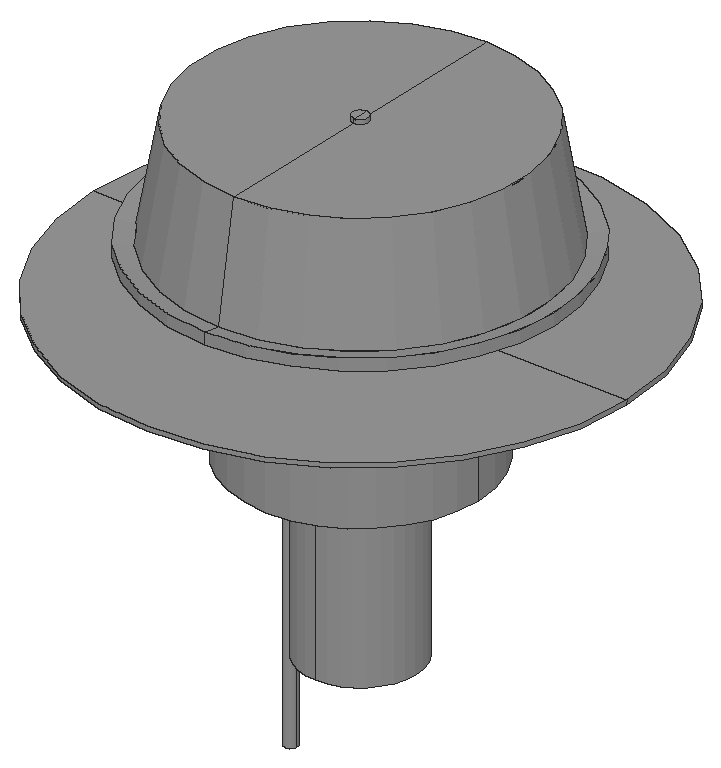
Revit family "HL_RU_Roof drain_HL62.1FSafe-B-221103", category Sanitärinstallationen, Revit 2020
Family settings
  Bemaßung runder Anschluss = Durchmesser verwenden
  Teiletyp = Normal
  OmniClass-Nummer = 23.70.50.21.24.14
  OmniClass-Titel = Deck Waste Water Drains
  Arbeitsebenenbasiert = Nein
  Immer vertikal = Ja
  Beim Laden mit Abzugskörper schneiden = Nein
  Gemeinsam genutzt = Nein
  Raumberechnungspunkt = Ja
Parameters (values of type "HL_Кровельная воронка_HL62.1FSafe_7")
  РЕШЁТКА = "Laubfangkorb d 262 mm"
  РАЗМЕР = "DN75"
  ПРОПУСКНАЯ СПОСОБНОСТЬ [instance] = 0.0 L/s
  ПРОИЗВОДИТЕЛЬНОСТЬ = "l/s"
  ПРАВОВАЯ ИНФОРМАЦИЯ = "Авторские права(©), права на дизайн или какие либо другие права интелектуальной собственности являются исключительной собственностью компании HL Hutterer & Lechner. Изменению не подлежит. Файл семейства с данными о прозводителе изделия защищен паролем с водяным знаком."
  НОМИНАЛЬНЫЙ ДИАМЕТР = 75 mm
  МАТЕРИАЛ = "PP"
  ВЫСОТА МОНТАЖА = "100mm"
  ВЕС = "3,091 [kg]"
  Vorgabe-Ansicht = 0 mm
  Hersteller = "HL Hutterer & Lechner GmbH"  # constant formula
  URL = "http://www.hutterer-lechner.com/ru/products/catalog/roof-drains/HL62.1FSafe/7.aspx"
  Материал плитка [instance] = none
  Lüftungsverbindung = no
  Abwasserrohrverbindung = yes
  HW-Verbindung = no
  KW-Verbindung = no
  Beschreibung = "Кровельные воронки"
  Model = "HL62.1FSafe_7"
  Assembly Code = " "
  Typenkommentare = "HL62.1FSafe/7, Воронка для аварийного водостока DN75 с электрообогревом, с корпусом из ПП, с возможностью регулировки толщины слоя воды"
  Keynote = "HL62.1FSafe_7"
  Bысота монтажа [instance] = 28 mm  # constant formula
  G [instance] = 180.00°  # constant formula
  EAN = "9003076040735"
  D [instance] = if(НОМИНАЛЬНЫЙ ДИАМЕТР = 75 mm, 116 mm, if(НОМИНАЛЬНЫЙ ДИАМЕТР = 110 mm, 60 mm, if(НОМИНАЛЬНЫЙ ДИАМЕТР = 125 mm, 67 mm, 0 mm))) + Bысота монтажа  # 144 mm
  C [instance] = if(Bысота монтажа - 68 mm < 0 mm, 0 mm, Bысота монтажа - 68 mm)  # 0 mm
  B [instance] = 100 mm  # constant formula
  A [instance] = if(B - 100 mm > 15 mm, B - 100 mm, 15 mm)  # 15 mm
Types (4, lengths in mm): name | РАЗМЕР | НОМИНАЛЬНЫЙ ДИАМЕТР | ВЕС | URL | Model | Typenkommentare | Keynote | EAN | D
  (no name) | "DN75" | 75 | "3,091 [kg]" | "http://www.hutterer-lechner.com/ru/products/catalog/roof-drains/HL62.1FSafe/7.aspx" | "HL62.1FSafe_7" | "HL62.1FSafe/7, Воронка для аварийного водостока DN75 с электрообогревом, с корпусом из ПП, с возможностью регулировки толщины слоя воды" | "HL62.1FSafe_7" | "9003076040735" | 144
  HL_Кровельная воронка_HL62.1FSafe_1 | "DN110" | 110 | "3,391 [kg]" | "http://www.hutterer-lechner.com/ru/products/catalog/roof-drains/HL62.1FSafe/1.aspx" | "HL62.1FSafe_1" | "HL62.1FSafe/1, Воронка для аварийного водостока DN110 с электрообогревом, с корпусом из ПП, с возможностью регулировки толщины слоя воды" | "HL62.1FSafe_1" | "9003076040711" | 88
  HL_Кровельная воронка_HL62.1FSafe_2 | "DN125" | 125 | "3,634 [kg]" | "http://www.hutterer-lechner.com/ru/products/catalog/roof-drains/HL62.1FSafe/2.aspx" | "HL62.1FSafe_2" | "HL62.1FSafe/2, Воронка для аварийного водостока DN125 с электрообогревом, с корпусом из ПП, с возможностью регулировки толщины слоя воды" | "HL62.1FSafe_2" | "9003076040728" | 95
  HL_Кровельная воронка_HL62.1FSafe_7 | "DN75" | 75 | "3,091 [kg]" | "http://www.hutterer-lechner.com/ru/products/catalog/roof-drains/HL62.1FSafe/7.aspx" | "HL62.1FSafe_7" | "HL62.1FSafe/7, Воронка для аварийного водостока DN75 с электрообогревом, с корпусом из ПП, с возможностью регулировки толщины слоя воды" | "HL62.1FSafe_7" | "9003076040735" | 144
Reference planes
  plane 1 "Center (Front/Back)": y = 0
  plane 2: z = 0
  plane 3 "Center (Left/Right)": x = 0
  plane 4: z = -100
  plane 5: z = -28
Lines and regions (mm)
  model lines, style "InvisibleLines"
    curve 1: line (0, 0, 0) -> (0, 0, 20)
  model lines, style "PlumbingFixtures", detail levels coarse+medium
    curve 2: line (0, 0, -100) -> (0, 0, -85)
    curve 3: line (0, 0, -85) -> (-85, 0, 0)
    curve 4: line (0, 0, -85) -> (85, 0, 0)
    curve 6: line (0, 0, -100) -> (0, 0, -244)
  reference lines, not visible
    curve 5: line (0, 0, -100) -> (0, 0, -244)
  symbolic lines, style "PlumbingFixtures", detail levels coarse+medium
    curve 7: line (-75, 75, 0) -> (75, 75, 0)
    curve 8: line (-75, -75, 0) -> (-75, 75, 0)
    curve 9: line (75, -75, 0) -> (-75, -75, 0)
    curve 10: line (75, 75, 0) -> (75, -75, 0)
    curve 11: line (-75, 75, 0) -> (-145.711, 145.711, 0)
    curve 12: line (75, 75, 0) -> (145.711, 145.711, 0)
    curve 13: line (-75, -75, 0) -> (-145.711, -145.711, 0)
    curve 14: line (75, -75, 0) -> (145.711, -145.711, 0)
  symbolic lines, style "PlumbingFixtures", not visible, detail levels coarse+medium
    curve 15: line (-75, 75, 0) -> (75, 75, 0)
    curve 16: line (-75, -75, 0) -> (-75, 75, 0)
    curve 17: line (75, -75, 0) -> (-75, -75, 0)
    curve 18: line (75, 75, 0) -> (75, -75, 0)
    curve 19: line (-75, 75, 0) -> (-145.711, 145.711, 0)
    curve 20: line (75, 75, 0) -> (145.711, 145.711, 0)
    curve 21: line (-75, -75, 0) -> (-145.711, -145.711, 0)
    curve 22: line (75, -75, 0) -> (145.711, -145.711, 0)
Text (mm)
  text "FLOOR" at (-162.344, 0, -10.979), in view "Drain Construction View"
Dimensions and locks
  "B": plane 2 to plane 4
  "Bысота монтажа": plane 2 to plane 5
  "A": curve 4 to plane 4
  "D": curve 5 to curve 5
  "D": curve 6 to curve 6
  locked: curve 4 to plane 3 "Center (Left/Right)" (angle 45.00°)
  locked: plane 3 "Center (Left/Right)" to curve 3 (angle 45.00°)
  "G": angle curve 5 to plane 3 "Center (Left/Right)"
  aligned and locked: level to plane 2
  aligned and locked: plane 2 to curve 4
  aligned and locked: plane 2 to curve 3
  aligned and locked: plane 4 to curve 5
  aligned and locked: plane 3 "Center (Left/Right)" to curve 5
  aligned and locked: plane 4 to curve 2
  aligned and locked: curve 6 to plane 3 "Center (Left/Right)"
  aligned and locked: curve 6 to plane 4
  aligned and locked: nested 1 to plane 5
  aligned and locked: nested 1 to plane 3 "Center (Left/Right)"
  aligned and locked: nested 2 to plane 2
  aligned and locked: plane 3 "Center (Left/Right)" to nested 2
Automatic sketch dimensions
  curve 2 to plane 3 "Center (Left/Right)" = 0 mm
  curve 1 to plane 3 "Center (Left/Right)" = 0 mm
  curve 1 to level = 0 mm
  level to curve 1 = 20 mm
Nested families
  nested 1: "HL_кровельные воронки - корпус_HL62.1F" at (0, 0, -28), НОМИНАЛЬНЫЙ ДИАМЕТР <- "НОМИНАЛЬНЫЙ ДИАМЕТР", type "HL_кровельные воронки - корпус_HL62.1F"
    with НОМИНАЛЬНЫЙ ДИАМЕТР 75 mm, OOD 47.5 mm, L 120 mm, A 75 mm
  nested 2: "HL_Вспомогательные материалы-Противопожарная защита_HL062.1Safe" at (0, 0, 0), Bысота монтажа <- "Bысота монтажа", type "HL_Вспомогательные материалы-Противопожарная защита_HL062.1Safe"
    with Пропускная способность 0.0 L/s, L 58 mm, IHmin 28 mm, IHmax 68 mm, Bысота монтажа 28 mm
Connectors
  piping at (0, 0, -244), diameter 75, driven by "ПРОПУСКНАЯ СПОСОБНОСТЬ", driven by "НОМИНАЛЬНЫЙ ДИАМЕТР"
    settings: on curve 5, index 1, connector inside diameter 609.6 mm, connector length 0 mm, flow factor 0, pipe flow 0.0 L/s, pressure drop 0.0 Pa, fitting loss kfactor 0, connector angle 0.00°, fixture units 0, engagement length 0 mm, angle of deflection 0.00°, flow configuration 1, flow direction 2, fitting loss method 0, system type 16, joint type 0, gender type 0, connector reference index -1, connector utility 0, adjustable connector yes, is connector primary yes, connector description ""
Definition of nested family "HL_кровельные воронки - корпус_HL62.1F"
  Parameters (values of type "HL_кровельные воронки - корпус_HL62.1F")
    НОМИНАЛЬНЫЙ ДИАМЕТР [instance] = 125 mm
    Default Elevation = 0 mm
    OOD [instance] = if(A = 75 mm, 47.5 mm, 71 mm)  # 71 mm
    Manufacturer = ""
    URL = ""
    Description = ""
    A [instance] = НОМИНАЛЬНЫЙ ДИАМЕТР  # 125 mm
    Model = ""
    L [instance] = if(A = 75 mm, 120 mm, if(A = 110 mm, 64 mm, if(A = 125 mm, 71 mm, 0 mm)))  # 71 mm
    Type Comments = ""
    Cost = 0
  Reference planes
    plane 1 "Střed (vpředu/vzadu)": y = 0
    plane 2: z = 0
    plane 3 "Střed (vlevo/vpravo)": x = 0
  Forms (mm)
    Revolve 1, solid, detail levels fine
      sketch origin (0, 0, 0) x (1, 0, 0) y (0, 0, 1)
        loop
          line (-180, -3) -> (-81.687, -3) -> (-81.687, -17.808) -> (-79.882, -20.934) -> (-79.882, -96) -> (0, -96) -> (0, -29.3) -> (-74.763, -29.3) -> (-74.763, -23.875) -> (-78.907, -16.698) -> (-78.907, 0) -> (-180, 0) -> (-180, -3)
        axis (0, 0) -> (0, -96)
      angle from 0 to 360
    Extrusion 2, solid, detail levels fine
      sketch origin (0, 0, -96) x (0, 1, 0) y (1, 0, 0)
        loop
          circle (0, 0) r 62.5
      from 0 to 71
    Sweep 3, solid, detail levels fine
      path in 3D
        loop
          line (-71, 0, -288.3) -> (-71, 0, -96)
      profile origin (-71, 0, -192.15) x (-1, 0, 0) y (0, -1, 0)
        loop
          circle (0, -0.708) r 4.23
  Cuts and joins
    joined: Revolve 1, Extrusion 2
  Lines and regions (mm)
    reference lines
      curve 1: line (-71, 0, -288.3) -> (-71, 0, -96)
      curve 3: line (-61, 0, -96) -> (119, 0, -96)
    sketch lines
      curve 2: line (-71, 0, -288.3) -> (-71, 0, -96)
  Dimensions and locks
    "OOD": plane 3 "Střed (vlevo/vpravo)" to curve 1
    "L": cut or joined group of Revolve 1, Extrusion 2 to cut or joined group of Revolve 1, Extrusion 2
    "A": diameter of Extrusion 2 sketch curve
    aligned and locked: level to plane 2
    aligned and locked: cut or joined group of Revolve 1, Extrusion 2 to curve 3
  Automatic sketch dimensions
    Revolve 1 sketch curve to level = 0 mm
    Revolve 1 sketch curve to plane 3 "Střed (vlevo/vpravo)" = 0 mm  (x2)
    Revolve 1 sketch curve to level = 23.875 mm
    Revolve 1 sketch curve to plane 3 "Střed (vlevo/vpravo)" = 74.763 mm
    Revolve 1 sketch curve to level = 16.698 mm
    Revolve 1 sketch curve to Revolve 1 sketch curve = 4.143 mm
    Revolve 1 sketch curve to level = 20.934 mm
    Revolve 1 sketch curve to Revolve 1 sketch curve = 0.976 mm
    Revolve 1 sketch curve to level = 17.808 mm
    Revolve 1 sketch curve to Revolve 1 sketch curve = 2.78 mm
    Revolve 1 sketch curve to level = 3 mm
    Revolve 1 sketch curve to Revolve 1 sketch curve = 98.313 mm
    Revolve 1 sketch curve to Revolve 1 sketch curve = 5.425 mm
    Revolve 1 sketch curve to Revolve 1 sketch curve = 66.7 mm
    level to Revolve 1 sketch curve = 295.621 mm
    Revolve 1 sketch curve to Revolve 1 sketch curve = 204 mm
    Sweep 3 sketch curve to Sweep 3 sketch curve = 0 mm  (x2)
    Sweep 3 sketch curve to profile plane = 0 mm
    Sweep 3 sketch curve to profile plane = 0.708 mm
    profile plane to Sweep 3 sketch curve = 4.23 mm
    curve 3 to curve 1 = 0 mm
    curve 3 to curve 1 = 190 mm
    curve 3 to curve 1 = 10 mm
    curve 1 to level = 288.3 mm
    curve 1 to level = 96 mm
    Extrusion 2 sketch curve to Revolve 1 = 0 mm
Definition of nested family "HL_Вспомогательные материалы-Противопожарная защита_HL062.1Safe"
  Parameters (values of type "HL_Вспомогательные материалы-Противопожарная защита_HL062.1Safe")
    РЕШЁТКА = "Laubfangkorb d 262 mm"
    ПРАВОВАЯ ИНФОРМАЦИЯ = "Авторские права(©), права на дизайн или какие либо другие права интелектуальной собственности являются исключительной собственностью компании HL Hutterer & Lechner. Изменению не подлежит. Файл семейства с данными о прозводителе изделия защищен паролем с водяным знаком."
    МАТЕРИАЛ = "PP"
    ВЕС = "1,25 [kg]"
    Default Elevation = 0 mm
    Manufacturer = "HL Hutterer & Lechner GmbH"
    URL = "http://www.hutterer-lechner.com/ru/products/catalog/roof-drains/HL062.1Safe.aspx"
    Материал плитка = none
    Description = "Кровельные воронки"
    Model = "HL062.1Safe"
    L [instance] = if(Bысота монтажа < IHmin, -100 mm, if(Bысота монтажа > IHmax, -100 mm, Bысота монтажа + 30 mm))  # 58 mm
    Type Comments = "HL062.1Safe, Вставка в воронку для аварийного водоотведения"
    Keynote = "HL062.1Safe"
    Bысота монтажа [instance] = 28 mm
    IHmin [instance] = 28 mm
    IHmax [instance] = 68 mm
    Пропускная способность [instance] = 0.0 L/s
    EAN = "9003076040605"
    Cost = 0
  Reference planes
    plane 1 "Střed (vpředu/vzadu)": y = 0
    plane 2: z = 0
    plane 3 "Střed (vlevo/vpravo)": x = 0
  Forms (mm)
    Revolve 1, solid, detail levels fine
      sketch origin (0, 0, 0) x (0, 1, 0) y (0, 0, 1)
        loop
          line (0, 81.1) -> (-5.25, 81.1) -> (-5.25, 78.5) -> (-106.614, 78.5) -> (-119.486, 5.5) -> (-101.611, 5.5) -> (-90.568, 68.124) -> (0, 68.124) -> (0, 81.1)
        axis (0, 81.1) -> (0, 5.5)
      angle from 0 to 360
    Extrusion 2, solid, detail levels fine
      sketch origin (0, 0, 68.124) x (-1, 0, 0) y (0, 1, 0)
        loop
          circle (-50, 0) r 11.945
      from 0 to 82.224
    Extrusion 3, solid, detail levels fine
      sketch origin (-100, 0, 68.124) x (-1, 0, 0) y (0, 1, 0)
        loop
          circle (-50, 0) r 11.945
      from 0 to 82.224
    Revolve 4, solid, detail levels fine
      sketch origin (0, 0, 0) x (0, 1, 0) y (0, 0, 1)
        loop
          line (-130.983, 7.735) -> (-130.983, 0) -> (-69.061, 0) -> (-64.445, -4.616) -> (-64.445, -65.123) -> (-63.068, -66.5) -> (-58.068, -66.5) -> (-58.068, -4.58) -> (-68.148, 5.5) -> (-119.486, 5.5) -> (-130.983, 7.735)
        axis (0, 7.735) -> (0, -66.5)
      angle from 0 to 360
    Revolve 5, solid, detail levels fine
      sketch origin (0, 69.895, -58) x (0, -1, 0) y (0, 0, -1)
        loop
          line (149.29, -29.5) -> (149.29, -9.5) -> (139.79, 0) -> (134.34, 0) -> (134.34, -44) -> (138.069, -44) -> (138.069, -29.5) -> (149.29, -29.5)
        axis (69.895, -44) -> (69.895, 0)
      angle from 0 to 360
  Lines and regions (mm)
    reference lines
      curve 1: line (0, 69.895, -58) -> (0, -190.105, -58)
  Dimensions and locks
    "L": curve 1 to plane 2
    aligned and locked: level to plane 2
  Automatic sketch dimensions
    Revolve 1 sketch curve to plane 1 "Střed (vpředu/vzadu)" = 0 mm  (x2)
    plane 1 "Střed (vpředu/vzadu)" to Revolve 1 sketch curve = 5.25 mm
    Revolve 1 sketch curve to Revolve 1 sketch curve = 85.318 mm
    level to Revolve 1 sketch curve = 5.5 mm
    Revolve 1 sketch curve to Revolve 1 sketch curve = 11.042 mm
    Revolve 1 sketch curve to Revolve 1 sketch curve = 16.046 mm
    Revolve 1 sketch curve to Revolve 1 sketch curve = 17.876 mm
    Revolve 1 sketch curve to Revolve 1 sketch curve = 62.624 mm
    Revolve 1 sketch curve to Revolve 1 sketch curve = 10.376 mm
    Revolve 1 sketch curve to Revolve 1 sketch curve = 2.6 mm
    Revolve 1 sketch curve to Revolve 1 sketch curve = 40 mm
    Revolve 1 sketch curve to Revolve 1 sketch curve = 25 mm
    Extrusion 2 sketch curve to Revolve 1 = 50 mm
    Revolve 1 to Extrusion 3 sketch curve = 50 mm
    level to Revolve 4 sketch curve = 0 mm
    Revolve 4 sketch curve to plane 1 "Střed (vpředu/vzadu)" = 0 mm
    plane 1 "Střed (vpředu/vzadu)" to Revolve 4 sketch curve = 58.068 mm
    Revolve 4 sketch curve to Revolve 4 sketch curve = 5 mm
    Revolve 4 sketch curve to Revolve 4 sketch curve = 1.377 mm  (x2)
    Revolve 4 sketch curve to Revolve 4 sketch curve = 3.703 mm
    Revolve 4 sketch curve to Revolve 4 sketch curve = 0.913 mm
    level to Revolve 4 sketch curve = 5.5 mm
    Revolve 4 sketch curve to Revolve 4 sketch curve = 50.425 mm
    Revolve 4 sketch curve to Revolve 4 sketch curve = 11.497 mm
    Revolve 4 sketch curve to level = 4.58 mm
    Revolve 4 sketch curve to level = 4.616 mm
    Revolve 4 sketch curve to Revolve 4 sketch curve = 60.507 mm
    level to Revolve 4 sketch curve = 7.735 mm
    Revolve 4 sketch curve to Revolve 4 sketch curve = 10 mm
    Revolve 4 sketch curve to Revolve 4 sketch curve = 35 mm
    Revolve 5 sketch curve to curve 1 = 0 mm
    curve 1 to Revolve 5 sketch curve = 44 mm
    Revolve 5 sketch curve to curve 1 = 125.66 mm
    Revolve 5 sketch curve to Revolve 5 sketch curve = 3.729 mm
    Revolve 5 sketch curve to Revolve 5 sketch curve = 5.45 mm
    Revolve 5 sketch curve to Revolve 5 sketch curve = 11.221 mm
    Revolve 5 sketch curve to Revolve 5 sketch curve = 14.5 mm
    curve 1 to Revolve 5 sketch curve = 9.5 mm
    curve 1 to Revolve 5 sketch curve = 69.895 mm
    Revolve 5 sketch curve to curve 1 = 15 mm
    Revolve 5 sketch curve to Revolve 5 sketch curve = 40 mm
    plane 1 "Střed (vpředu/vzadu)" to curve 1 = 190.105 mm
    curve 1 to plane 1 "Střed (vpředu/vzadu)" = 69.895 mm
    radius of Extrusion 2 sketch curve = 11.945 mm
    radius of Extrusion 3 sketch curve = 11.945 mm
